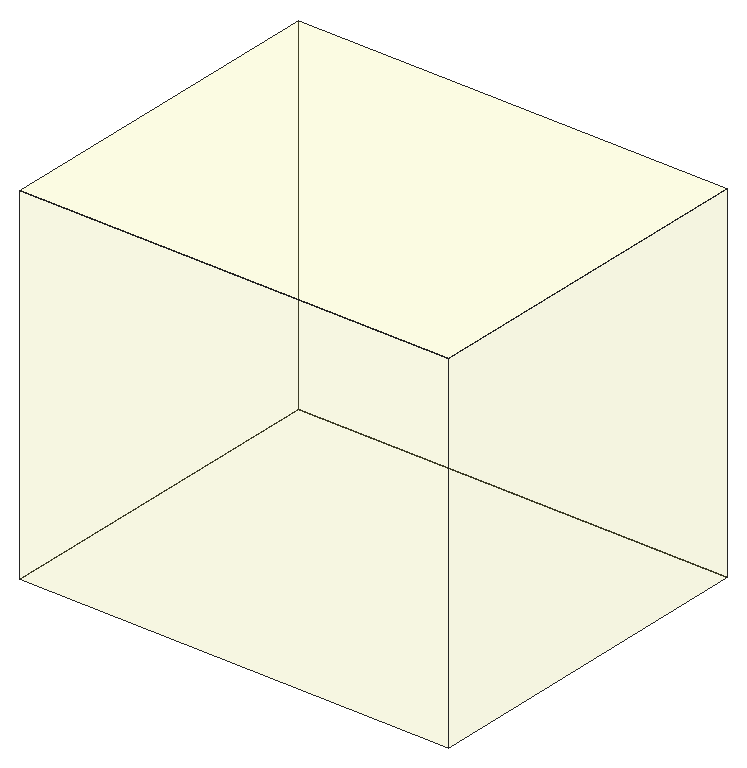
Revit family "AHU_Sample", category Оборудование, Revit 2023
Family settings
  Размер круглого соединителя = Использовать диаметр
  Классификация = Нет
  Тип детали = Нормальный
  На основе рабочей плоскости = Нет
  Всегда вертикально = Да
  При загрузке вырезать с полостями = Нет
  Сохранять ориентацию аннотаций = Нет
  Общий = Нет
  Точка принадлежности помещению = Нет
Parameters
  Ширина коннектор 4 [instance] = 200 mm
  Ширина коннектор 3 [instance] = 200 mm
  Ширина коннектор 1 [instance] = 200 mm
  Сторона обслуживания правая [instance] = not(Сторона обслуживания левая)  # yes
  Сторона обслуживания левая [instance] = no
  Отметка по умолчанию = 0 mm
  Ширина коннектор 2 [instance] = 200 mm
  Высота коннектор 2 [instance] = 200 mm
  Высота коннектор 4 [instance] = 200 mm
  Высота коннектор 1 [instance] = 200 mm
  Высота коннектор 3 [instance] = 200 mm
  Блоки отдельно в спецификации [instance] = yes
  ADSK_Размер_Ширина [instance] = 1000 mm
  ADSK_Размер_Длина [instance] = 1230 mm
  ADSK_Размер_Высота [instance] = 1000 mm
  ADSK_Наименование = "Вентустановка"
  ADSK_Марка = ""
  ADSK_Количество = 1  # constant formula
  ADSK_Код изделия = ""
  ADSK_Завод-изготовитель = ""
  ADSK_Единица измерения = "шт."
Reference planes
  plane 1 "По центру (Вперед/Назад)": y = 0
  plane 2: z = 0
  plane 3 "По центру (Влево/Вправо)": x = 0
  plane 4: z = 1000
  plane 5: z = 500
  plane 6: x = 1230
  plane 7: y = 500
  plane 8: y = -500
  plane 9: y = 1500
  plane 10: y = -1500
Forms (mm)
  Extrusion 1, solid, material "Зона обслуживания", visible <- "Сторона обслуживания левая"
    sketch origin (0, 0, 0) x (1, 0, 0) y (0, 1, 0)
      loop
        line (0, 500) -> (1230, 500) -> (1230, 1500) -> (0, 1500) -> (0, 500)
    from 0 to 1000
  Extrusion 2, solid, material "Зона обслуживания", visible <- "Сторона обслуживания правая"
    sketch origin (0, -2000, 0) x (1, 0, 0) y (0, 1, 0)
      loop
        line (0, 500) -> (1230, 500) -> (1230, 1500) -> (0, 1500) -> (0, 500)
    from 0 to 1000
Lines and regions (mm)
  reference lines
    curve 1: line (0, 0, 500) -> (1230, 0, 500)
Dimensions and locks
  equal spacing: plane 4, plane 5, level
  "ADSK_Размер_Высота": plane 4 to level
  "ADSK_Размер_Длина": plane 3 "По центру (Влево/Вправо)" to plane 6
  equal spacing: plane 7, plane 1 "По центру (Вперед/Назад)", plane 8
  "ADSK_Размер_Ширина": plane 7 to plane 8
  "ADSK_Размер_Ширина": plane 9 to plane 7
  "ADSK_Размер_Ширина": plane 8 to plane 10
  aligned and locked: level to plane 2
  aligned and locked: plane 3 "По центру (Влево/Вправо)" to curve 1
  aligned and locked: plane 6 to curve 1
  aligned and locked: plane 9 to Extrusion 1
  aligned and locked: plane 6 to Extrusion 1
  aligned and locked: Extrusion 1 to plane 3 "По центру (Влево/Вправо)"
  aligned and locked: plane 8 to Extrusion 2
  aligned and locked: Extrusion 2 to plane 6
  aligned and locked: Extrusion 2 to plane 3 "По центру (Влево/Вправо)"
  aligned and locked: Extrusion 2 to plane 10
  aligned and locked: plane 4 to Extrusion 2
  aligned and locked: plane 4 to Extrusion 1
Automatic sketch dimensions
  plane 1 "По центру (Вперед/Назад)" to curve 1 = 0 mm
  Extrusion 1 sketch curve to plane 3 "По центру (Влево/Вправо)" = 0 mm
  Extrusion 1 sketch curve to plane 6 = 0 mm
  Extrusion 1 sketch curve to plane 7 = 0 mm
  Extrusion 1 sketch curve to plane 9 = 0 mm
  Extrusion 2 sketch curve to plane 3 "По центру (Влево/Вправо)" = 0 mm
  Extrusion 2 sketch curve to plane 6 = 0 mm
  Extrusion 2 sketch curve to plane 10 = 0 mm
  Extrusion 2 sketch curve to plane 8 = 0 mm
Connectors
  hvac at (0, 0, 500), driven by "Высота коннектор 1", driven by "Ширина коннектор 1"
    settings: on curve 1, index 1, duct flow 0.0 L/s, flow factor 0, pres drop 0.0 Pa, loss coef 0, conn angle 0.00°, conn width 200 mm, conn height 200 mm, conn diameter 609.6 mm, duct sys type 29, conn prof type 1, flow config 0, flow direction 0, loss method 0, conn ref index 2, conn util no, is conn primary yes, conn desc ""
  hvac at (1230, 0, 500), driven by "Высота коннектор 2", driven by "Ширина коннектор 2"
    settings: on curve 1, index 2, duct flow 0.0 L/s, flow factor 0, pres drop 0.0 Pa, loss coef 0, conn angle 0.00°, conn width 200 mm, conn height 200 mm, conn diameter 609.6 mm, duct sys type 29, conn prof type 1, flow config 0, flow direction 0, loss method 0, conn ref index 1, conn util no, is conn primary no, conn desc ""
